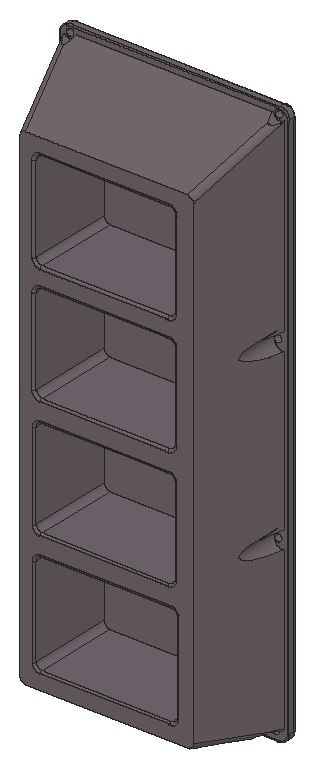
Revit family "a55a4b7e-ec2b-49e3-92c2-4acdec69bd05", category Furniture, Revit 2016
Family settings
  OmniClass Number = 23.40.20.00
  OmniClass Title = General Furniture and Specialties
  Work Plane-Based = No
  Always vertical = Yes
  Cut with Voids When Loaded = No
  Shared = No
  Room Calculation Point = No
Parameters (values of type "Standard")
  Width = 29"  # constant formula
  Unit = Plastic - Behavioral Safety - Mulberry
  URL = "http://besafeprod.com/"
  Type Image = <None>
  Type Comments = ""
  Revit Object Download Link = "http://library.smartbim.com/download/Storage-4_Shelf-Behavioral_Safety_Products-BF935"
  Product Page URL = "http://www.besafeprod.com/behavioral-safety-pr/suicide-resistant-attenda-4-shelf-storage-unit/"
  Product Documentation Link = ""
  Product Brochure URL = "http://besafeprod.com/images/pdfs/BF935.pdf"
  Model = "BF935"  # constant formula
  Manufacturer Phone = "706-705-1500"  # constant formula
  Manufacturer Fax = "706-705-1191"  # constant formula
  Manufacturer Email = "mailto:david@besafepro.com"
  Manufacturer Address = "29A N. Main St., Suite 3 Watkinsville, GA. 30677"  # constant formula
  Manufacturer = "Behavioral Safety Products"  # constant formula
  Keynote = ""
  Height = 72"  # constant formula
  Description = "SUICIDE RESISTANT ATTENDA 4 SHELF STORAGE "  # constant formula
  Depth = 11"  # constant formula
  Assembly Code = ""
Reference planes (in)
  plane 1 "Center (Front/Back)": y = 0
  plane 2: z = 0
  plane 3 "Center (Left/Right)": x = 0
  plane 4: y = 5.5
  plane 5: y = -5.5
  plane 6: x = -14.5
  plane 7: x = 14.5
  plane 8: z = 72
  plane 9: y = 6.5
Dimensions and locks (in)
  equal spacing: plane 6, plane 3 "Center (Left/Right)", plane 7
  "Width": plane 6 to plane 7
  equal spacing: plane 4, plane 1 "Center (Front/Back)", plane 5
  "Depth": plane 4 to plane 5
  "Height": plane 8 to plane 2
  locked: plane 9 to plane 4 at 1
  aligned and locked: plane 2 to level
  aligned and locked: plane 1 "Center (Front/Back)" to nested 1
  aligned and locked: plane 3 "Center (Left/Right)" to nested 1
Nested families (in)
  nested 1: "BF935" at (0, 0, 0), type "Standard"
Definition of nested family "BF935"
  Parameters
    Unit = none
    Width = 29"
    Height = 72"
    Depth = 11"
  Reference planes (in)
    plane 1 "Center (Front/Back)": y = 0
    plane 2: z = 0
    plane 3 "Center (Left/Right)": x = 0
    plane 4: z = 72
    plane 5: y = 5.5
    plane 6: y = -5.5
    plane 7: x = -14.5
    plane 8: x = 14.5
    plane 9: y = 6.5
    plane 10: x = -8.875
    plane 11: x = 8.875
  Forms (in)
    Sweep 1, solid, material <- "Unit"
      path origin (0, 0, 0) x (1, 0, 0) y (0, 0, 1)
        loop
          line (-14.5, 70.81251) -> (-14.5, 1.1875)
          arc (-14.5, 1.1875) -> (-14.15219, 0.34781) -> (-13.3125, 0) r 1.1875
          line (-13.3125, 0) -> (13.3125, 0)
          arc (13.3125, 0) -> (14.15219, 0.34781) -> (14.5, 1.1875) r 1.1875
          line (14.5, 1.1875) -> (14.5, 70.8125)
          arc (14.5, 70.8125) -> (14.15219, 71.65219) -> (13.3125, 72) r 1.1875
          line (13.3125, 72) -> (-13.31251, 72)
          arc (-13.31251, 72) -> (-14.15219, 71.65219) -> (-14.5, 70.81251) r 1.18749
      profile origin (-14.5, 0, 36.00001) x (0, -1, 0) y (1, 0, 0)
        loop
          arc (-6.5, 0.1112) -> (-6.46743, 0.03257) -> (-6.3888, 0) r 0.1112
          line (-6.3888, 0) -> (-5.60938, 0)
          arc (-5.60938, 0) -> (-5.53204, 0.03204) -> (-5.5, 0.10937) r 0.10938
          line (-5.5, 0.10937) -> (-5.5, 1.15714) -> (-6.5, 1.15714) -> (-6.5, 0.1112)
    Extrusion 2, solid, material <- "Unit"
      sketch origin (-14.39063, 5.5, 70.81251) x (0, 0, -1) y (1, 0, 0)
        loop
          line (69.65537, 1.04777) -> (69.65537, 27.73348) -> (-0.03034, 27.73348) -> (-0.03034, 1.04777) -> (69.65537, 1.04777)
      from 0 to -1
    Extrusion 3, void
      sketch origin (0, 0, 0) x (1, 0, 0) y (0, 0, 1)
        loop
          arc (-8.125, 63.71504) -> (-8.65533, 63.49537) -> (-8.875, 62.96504) r 0.75
          line (-8.875, 62.96504) -> (-8.875, 51.90216)
          arc (-8.875, 51.90216) -> (-8.65533, 51.37183) -> (-8.125, 51.15216) r 0.75
          line (-8.125, 51.15216) -> (8.125, 51.15216)
          arc (8.125, 51.15216) -> (8.65533, 51.37183) -> (8.875, 51.90216) r 0.75
          line (8.875, 51.90216) -> (8.875, 62.96504)
          arc (8.875, 62.96504) -> (8.65533, 63.49537) -> (8.125, 63.71504) r 0.75
          line (8.125, 63.71504) -> (-8.125, 63.71504)
        loop
          arc (-8.125, 33.43303) -> (-8.65533, 33.21336) -> (-8.875, 32.68303) r 0.75
          line (-8.875, 32.68303) -> (-8.875, 21.62122)
          arc (-8.875, 21.62122) -> (-8.65533, 21.09089) -> (-8.125, 20.87122) r 0.75
          line (-8.125, 20.87122) -> (8.125, 20.87122)
          arc (8.125, 20.87122) -> (8.65533, 21.09089) -> (8.875, 21.62122) r 0.75
          line (8.875, 21.62122) -> (8.875, 32.68303)
          arc (8.875, 32.68303) -> (8.65533, 33.21336) -> (8.125, 33.43303) r 0.75
          line (8.125, 33.43303) -> (-8.125, 33.43303)
        loop
          arc (-8.125, 18.24579) -> (-8.65533, 18.02612) -> (-8.875, 17.49579) r 0.75
          line (-8.875, 17.49579) -> (-8.875, 5.99579)
          arc (-8.875, 5.99579) -> (-8.65533, 5.46546) -> (-8.125, 5.24579) r 0.75
          line (-8.125, 5.24579) -> (8.375, 5.24579)
          arc (8.375, 5.24579) -> (8.90533, 5.46546) -> (9.125, 5.99579) r 0.75
          line (9.125, 5.99579) -> (9.125, 17.49579)
          arc (9.125, 17.49579) -> (8.90533, 18.02612) -> (8.375, 18.24579) r 0.75
          line (8.375, 18.24579) -> (-8.125, 18.24579)
        loop
          arc (-8.125, 48.68303) -> (-8.65533, 48.46336) -> (-8.875, 47.93303) r 0.75
          line (-8.875, 47.93303) -> (-8.875, 36.87122)
          arc (-8.875, 36.87122) -> (-8.65533, 36.34089) -> (-8.125, 36.12122) r 0.75
          line (-8.125, 36.12122) -> (8.125, 36.12122)
          arc (8.125, 36.12122) -> (8.65533, 36.34089) -> (8.875, 36.87122) r 0.75
          line (8.875, 36.87122) -> (8.875, 47.93303)
          arc (8.875, 47.93303) -> (8.65533, 48.46336) -> (8.125, 48.68303) r 0.75
          line (8.125, 48.68303) -> (-8.125, 48.68303)
      from -5.5 to 6.39005
    Extrusion 4, void
      sketch origin (-0.53125, 0, 18.5) x (1, 0, 0) y (0, 0, 1)
        loop
          circle (-12.63231, 27.21857) r 0.5
        loop
          circle (-12.79327, 4.88225) r 0.5
        loop
          circle (-12.64568, -17.17467) r 0.5
        loop
          circle (13.47158, -17.33254) r 0.5
        loop
          circle (13.7576, 4.60577) r 0.5
        loop
          circle (13.71408, 27.18138) r 0.5
        loop
          circle (13.87546, 52.72215) r 0.5
        loop
          circle (-12.59232, 52.68934) r 0.5
      from -8.53544 to -3.49717
    Blend 5, solid, material <- "Unit"
      base sketch origin (0, 0, 0) x (1, 0, 0) y (0, 0, 1)
        loop
          arc (-13.20312, 71.18146) -> (-13.73346, 70.96179) -> (-13.95312, 70.43146) r 0.75
          line (-13.95312, 70.43146) -> (-13.95312, 1.59375)
          arc (-13.95312, 1.59375) -> (-13.73346, 1.06342) -> (-13.20312, 0.84375) r 0.75
          line (-13.20312, 0.84375) -> (13.20296, 0.84375)
          arc (13.20296, 0.84375) -> (13.73329, 1.06342) -> (13.95296, 1.59375) r 0.75
          line (13.95296, 1.59375) -> (13.95296, 70.43146)
          arc (13.95296, 70.43146) -> (13.73329, 70.96179) -> (13.20296, 71.18146) r 0.75
          line (13.20296, 71.18146) -> (-13.20312, 71.18146)
      top sketch origin (0, 0, 0) x (1, 0, 0) y (0, 0, 1)
        loop
          arc (-9.92233, 65.86745) -> (-10.45266, 65.64778) -> (-10.67233, 65.11745) r 0.75
          line (-10.67233, 65.11745) -> (-10.67233, 3.92627)
          arc (-10.67233, 3.92627) -> (-10.45266, 3.39594) -> (-9.92233, 3.17627) r 0.75
          line (-9.92233, 3.17627) -> (10.55213, 3.17627)
          arc (10.55213, 3.17627) -> (11.08246, 3.39594) -> (11.30213, 3.92627) r 0.75
          line (11.30213, 3.92627) -> (11.30213, 65.11745)
          arc (11.30213, 65.11745) -> (11.08246, 65.64778) -> (10.55213, 65.86745) r 0.75
          line (10.55213, 65.86745) -> (-9.92233, 65.86745)
      from -5.5 to 5.5
    Sweep 6, void
      path origin (0, -5.5, 0) x (1, 0, 0) y (0, 0, 1)
        loop
          line (8.125, 63.71504) -> (-8.125, 63.71504)
          arc (-8.125, 63.71504) -> (-8.65533, 63.49537) -> (-8.875, 62.96504) r 0.75
          line (-8.875, 62.96504) -> (-8.875, 51.90216)
          arc (-8.875, 51.90216) -> (-8.65533, 51.37183) -> (-8.125, 51.15216) r 0.75
          line (-8.125, 51.15216) -> (8.125, 51.15216)
          arc (8.125, 51.15216) -> (8.65533, 51.37183) -> (8.875, 51.90216) r 0.75
          line (8.875, 51.90216) -> (8.875, 62.96504)
          arc (8.875, 62.96504) -> (8.65533, 63.49537) -> (8.125, 63.71504) r 0.75
      profile origin (0, -5.5, 63.71504) x (0, 0, -1) y (0, -1, 0)
        loop
          line (0, 0) -> (-0.29944, 0)
          arc (-0.29944, 0) -> (-0.0877, -0.0877) -> (0, -0.29944) r 0.29944
          line (0, -0.29944) -> (0, 0)
    Sweep 7, void
      path origin (0, -5.5, 0) x (1, 0, 0) y (0, 0, 1)
        loop
          line (8.125, 48.68303) -> (-8.125, 48.68303)
          arc (-8.125, 48.68303) -> (-8.65533, 48.46336) -> (-8.875, 47.93303) r 0.75
          line (-8.875, 47.93303) -> (-8.875, 36.87122)
          arc (-8.875, 36.87122) -> (-8.65533, 36.34089) -> (-8.125, 36.12122) r 0.75
          line (-8.125, 36.12122) -> (8.125, 36.12122)
          arc (8.125, 36.12122) -> (8.65533, 36.34089) -> (8.875, 36.87122) r 0.75
          line (8.875, 36.87122) -> (8.875, 47.93303)
          arc (8.875, 47.93303) -> (8.65533, 48.46336) -> (8.125, 48.68303) r 0.75
      profile origin (0, -5.5, 48.68303) x (0, 0, -1) y (0, -1, 0)
        loop
          line (0, 0) -> (-0.30078, 0)
          arc (-0.30078, 0) -> (-0.0881, -0.0881) -> (0, -0.30078) r 0.30078
          line (0, -0.30078) -> (0, 0)
    Sweep 8, void
      path origin (0, -5.5, 0) x (1, 0, 0) y (0, 0, 1)
        loop
          line (8.125, 33.43303) -> (-8.125, 33.43303)
          arc (-8.125, 33.43303) -> (-8.65533, 33.21336) -> (-8.875, 32.68303) r 0.75
          line (-8.875, 32.68303) -> (-8.875, 21.62122)
          arc (-8.875, 21.62122) -> (-8.65533, 21.09089) -> (-8.125, 20.87122) r 0.75
          line (-8.125, 20.87122) -> (8.125, 20.87122)
          arc (8.125, 20.87122) -> (8.65533, 21.09089) -> (8.875, 21.62122) r 0.75
          line (8.875, 21.62122) -> (8.875, 32.68303)
          arc (8.875, 32.68303) -> (8.65533, 33.21336) -> (8.125, 33.43303) r 0.75
      profile origin (0, -5.5, 33.43303) x (0, 0, -1) y (0, -1, 0)
        loop
          line (0, 0) -> (-0.25, 0)
          arc (-0.25, 0) -> (-0.07322, -0.07322) -> (0, -0.25) r 0.25
          line (0, -0.25) -> (0, 0)
    Sweep 9, void
      path origin (0, -5.5, 0) x (1, 0, 0) y (0, 0, 1)
        loop
          line (8.375, 18.24579) -> (-8.125, 18.24579)
          arc (-8.125, 18.24579) -> (-8.65533, 18.02612) -> (-8.875, 17.49579) r 0.75
          line (-8.875, 17.49579) -> (-8.875, 5.99579)
          arc (-8.875, 5.99579) -> (-8.65533, 5.46546) -> (-8.125, 5.24579) r 0.75
          line (-8.125, 5.24579) -> (8.375, 5.24579)
          arc (8.375, 5.24579) -> (8.90533, 5.46546) -> (9.125, 5.99579) r 0.75
          line (9.125, 5.99579) -> (9.125, 17.49579)
          arc (9.125, 17.49579) -> (8.90533, 18.02612) -> (8.375, 18.24579) r 0.75
      profile origin (0.125, -5.5, 18.24579) x (0, 0, -1) y (0, -1, 0)
        loop
          line (0, 0) -> (-0.25, 0)
          arc (-0.25, 0) -> (-0.07322, -0.07322) -> (0, -0.25) r 0.25
          line (0, -0.25) -> (0, 0)
    Extrusion 10, void
      sketch origin (0, 0, 0.125) x (1, 0, 0) y (0, 0, 1)
        loop
          line (-14.5, 46.43303) -> (-14.5, 44.59642)
          arc (-14.5, 44.59642) -> (-12.49971, 45.51472) -> (-14.5, 46.43303) r 1.21094
        loop
          line (-14.5, 24.12053) -> (-14.5, 22.28392)
          arc (-14.5, 22.28392) -> (-12.50449, 23.20222) -> (-14.5, 24.12053) r 1.20905
      from -5.5 to -0.47402
    Extrusion 11, void
      sketch origin (0, 0, 0) x (1, 0, 0) y (0, 0, 1)
        loop
          arc (14.5, 46.5385) -> (12.61667, 45.62053) -> (14.5, 44.70256) r 1.16538
          line (14.5, 44.70256) -> (14.5, 46.5385)
        loop
          arc (14.5, 24.0385) -> (12.61667, 23.12053) -> (14.5, 22.20256) r 1.16538
          line (14.5, 22.20256) -> (14.5, 24.0385)
      from -5.5 to 0.61167
    Extrusion 12, void
      sketch origin (0, 0, 0) x (1, 0, 0) y (0, 0, 1)
        loop
          arc (-14.0748, 71.08837) -> (-12.81749, 70.50654) -> (-12.50191, 71.85552) r 0.89346
          line (-12.50191, 71.85552) -> (-14.0748, 71.08837)
        loop
          arc (12.62713, 71.68516) -> (13.03, 70.51514) -> (14.20002, 70.91801) r 0.875
          line (14.20002, 70.91801) -> (12.62713, 71.68516)
      from -5.5 to -3.71136
    Extrusion 13, void
      sketch origin (0, 0, 0) x (1, 0, 0) y (0, 0, 1)
        loop
          line (-14.39186, 1.39925) -> (-12.75356, 0.25209)
          arc (-12.75356, 0.25209) -> (-12.8472, 1.86181) -> (-14.39186, 1.39925) r 1.02774
        loop
          arc (14.14186, 1.27425) -> (12.5972, 1.73681) -> (12.50356, 0.12709) r 1.02774
          line (12.50356, 0.12709) -> (14.14186, 1.27425)
      from -5.5 to -1.69444
  Cuts and joins
    Extrusion 3, Extrusion 4 cuts Sweep 1
    Extrusion 3, Extrusion 4 cuts Extrusion 2
    joined: Sweep 1, Extrusion 2
    Extrusion 3, Sweep 6, Sweep 7, Sweep 8, Sweep 9, Extrusion 10, Extrusion 11, Extrusion 12, Extrusion 13 cuts Blend 5
  Lines and regions (in)
    Masking region 1
      outline origin (0, 0, 0) x (1, 0, 0) y (0, 1, 0)
        loop
          line (-14.5, 6.5) -> (-14.5, 5.5) -> (-13.95312, 5.5) -> (-10.67233, -5.5) -> (11.30213, -5.5) -> (13.95296, 5.5) -> (14.5, 5.5) -> (14.5, 6.5) -> (-14.5, 6.5)
    symbolic lines
      curve 1: line (-13.89046, 5.5, 0) -> (13.93417, 5.5, 0)
      curve 2: line (-12.32494, 5.5, 0) -> (-12.79383, 4.1277, 0)
      curve 3: line (-12.79383, 4.1277, 0) -> (-13.89046, 5.5, 0)
      curve 4: line (13.93417, 5.5, 0) -> (12.90539, 4.26991, 0)
      curve 5: spline (12.90539, 4.26991, 0) -> (12.85195, 4.36535, 0) -> (12.80263, 4.46257, 0) -> (12.75751, 4.56143, 0) -> (12.71666, 4.66178, 0) -> (12.68013, 4.76347, 0) -> (12.64797, 4.86636, 0) -> (12.62024, 4.97028, 0) -> (12.59698, 5.07509, 0) -> (12.57822, 5.18063, 0) -> (12.56399, 5.28674, 0) -> (12.55431, 5.39327, 0) -> (12.5492, 5.50005, 0)
  Dimensions and locks (in)
    "Height": plane 4 to plane 2
    equal spacing: plane 7, plane 3 "Center (Left/Right)", plane 8
    equal spacing: plane 5, plane 1 "Center (Front/Back)", plane 6
    "Depth": plane 5 to plane 6
    "Width": plane 7 to plane 8
    locked: plane 9 to plane 5 at 1
    equal spacing: plane 11, plane 3 "Center (Left/Right)", plane 10
    plane 11 to plane 10 = 17 3/4"
    aligned and locked: plane 2 to level
  Automatic sketch dimensions
    Extrusion 2 sketch curve to Sweep 1 = 0"  (x4)
    Sweep 1 sketch curve to plane 7 = 0"
    Sweep 1 sketch curve to plane 4 = 0"
    Sweep 1 sketch curve to level = 0"
    Sweep 1 sketch curve to plane 8 = 0"
    plane 7 to Sweep 1 sketch curve = 1 3/16"  (x2)
    Sweep 1 sketch curve to plane 8 = 1 3/16"
    Sweep 1 sketch curve to plane 4 = 1 3/16"
    Sweep 1 sketch curve to profile plane = 0"
    Sweep 1 sketch curve to profile plane = 0.1112"
    Sweep 1 sketch curve to plane 1 "Center (Front/Back)" = 6 1/2"
    Sweep 1 sketch curve to Sweep 1 sketch curve = 0.77942"
    Sweep 1 sketch curve to Sweep 1 sketch curve = 1"
    Sweep 1 sketch curve to Sweep 1 sketch curve = 1.04777"
    plane 7 to Blend 5 sketch curve = 35/64"
    level to Blend 5 sketch curve = 27/32"
    Blend 5 sketch curve to Blend 5 sketch curve = 3/4"  (x4)
    Blend 5 sketch curve to plane 4 = 0.81854"
    Blend 5 sketch curve to plane 8 = 1.29704"  (x2)
    Blend 5 sketch curve to plane 10 = 1.79733"
    Blend 5 sketch curve to plane 10 = 1.04733"  (x2)
    plane 11 to Blend 5 sketch curve = 1.67713"  (x2)
    level to Blend 5 sketch curve = 3.17627"
    Blend 5 sketch curve to plane 4 = 6.88255"
    Sweep 6 sketch curve to profile plane = 0"  (x2)
    Sweep 6 sketch curve to Sweep 6 sketch curve = 0.29944"
    Sweep 6 sketch curve to profile plane = 0.29944"
    Sweep 6 sketch curve to Blend 5 = 2.54733"
    Sweep 6 sketch curve to Blend 5 = 3.17713"
    Sweep 6 sketch curve to Sweep 6 sketch curve = 3/4"  (x4)
    Sweep 6 sketch curve to Blend 5 = 2.90241"
    Sweep 6 sketch curve to Sweep 6 sketch curve = 11.06288"
    Sweep 7 sketch curve to Blend 5 = 2.54733"
    Sweep 7 sketch curve to Blend 5 = 3.17713"
    Sweep 7 sketch curve to Blend 5 = 17.18442"
    Sweep 7 sketch curve to profile plane = 0"  (x2)
    Sweep 7 sketch curve to Sweep 7 sketch curve = 77/256"
    plane 10 to Extrusion 3 sketch curve = 0"  (x3)
    Extrusion 3 sketch curve to plane 10 = 0"
    plane 11 to Extrusion 3 sketch curve = 0"  (x2)
    Extrusion 3 sketch curve to plane 11 = 0"
    plane 10 to Extrusion 3 sketch curve = 3/4"  (x5)
    Extrusion 3 sketch curve to Extrusion 3 sketch curve = 3/4"  (x4)
    Extrusion 3 sketch curve to plane 11 = 3/4"  (x5)
    Extrusion 3 sketch curve to plane 11 = 1/2"  (x2)
    plane 11 to Extrusion 3 sketch curve = 1/4"
    level to Extrusion 3 sketch curve = 5.24579"
    Extrusion 3 sketch curve to Extrusion 3 sketch curve = 11 1/2"
    Extrusion 3 sketch curve to Extrusion 3 sketch curve = 2.62543"
    Extrusion 3 sketch curve to Extrusion 3 sketch curve = 11.06181"  (x2)
    Extrusion 3 sketch curve to Extrusion 3 sketch curve = 2.68819"
    Extrusion 3 sketch curve to Extrusion 3 sketch curve = 2.46913"
    Extrusion 3 sketch curve to plane 4 = 9.03496"
    Sweep 7 sketch curve to Sweep 7 sketch curve = 3/4"  (x4)
    Sweep 7 sketch curve to Sweep 7 sketch curve = 11.06181"
    Sweep 8 sketch curve to profile plane = 0"  (x2)
    Sweep 8 sketch curve to Sweep 8 sketch curve = 1/4"
    Sweep 8 sketch curve to Blend 5 = 2.54733"
    Sweep 8 sketch curve to Blend 5 = 3.17713"
    Sweep 8 sketch curve to Sweep 8 sketch curve = 3/4"  (x4)
    Sweep 8 sketch curve to Blend 5 = 29.50676"
    Sweep 8 sketch curve to Sweep 8 sketch curve = 11.06181"
    Sweep 9 sketch curve to profile plane = 0"  (x2)
    Sweep 9 sketch curve to Sweep 9 sketch curve = 1/4"
    Sweep 9 sketch curve to Blend 5 = 2.54733"
    Sweep 9 sketch curve to Blend 5 = 2.92713"
    Sweep 9 sketch curve to Sweep 9 sketch curve = 3/4"  (x4)
    Sweep 9 sketch curve to Blend 5 = 14.31953"
    Sweep 9 sketch curve to Blend 5 = 2.81953"
    plane 7 to Extrusion 4 sketch curve = 1.17548"
    plane 7 to Extrusion 4 sketch curve = 1.32307"
    plane 7 to Extrusion 4 sketch curve = 1.33644"
    plane 7 to Extrusion 4 sketch curve = 1.37643"
    Extrusion 4 sketch curve to plane 8 = 1.55967"
    Extrusion 4 sketch curve to plane 8 = 1.31717"
    Extrusion 4 sketch curve to plane 8 = 1.15579"
    Extrusion 4 sketch curve to plane 8 = 1.27365"
    level to Extrusion 4 sketch curve = 1.16746"
    level to Extrusion 4 sketch curve = 1.32533"
    Extrusion 4 sketch curve to Extrusion 4 sketch curve = 21.93831"
    Extrusion 4 sketch curve to Extrusion 4 sketch curve = 22.05692"
    Extrusion 4 sketch curve to Extrusion 4 sketch curve = 22.57561"
    Extrusion 4 sketch curve to Extrusion 4 sketch curve = 22.33632"
    Extrusion 4 sketch curve to plane 4 = 0.77785"
    Extrusion 4 sketch curve to plane 4 = 0.81066"
    Extrusion 10 sketch curve to plane 7 = 0"  (x2)
    plane 7 to Extrusion 10 sketch curve = 0.78646"
    plane 7 to Extrusion 10 sketch curve = 0.78936"
    level to Extrusion 10 sketch curve = 22.40892"
    Extrusion 10 sketch curve to Extrusion 10 sketch curve = 0.91831"  (x2)
    Extrusion 10 sketch curve to Extrusion 10 sketch curve = 20.47589"
    Extrusion 11 sketch curve to plane 8 = 0"  (x2)
    Extrusion 11 sketch curve to plane 8 = 0.71795"  (x2)
    level to Extrusion 11 sketch curve = 22.20256"
    Extrusion 11 sketch curve to Extrusion 11 sketch curve = 235/256"  (x2)
    Extrusion 11 sketch curve to Extrusion 11 sketch curve = 20 85/128"
    plane 7 to Extrusion 12 sketch curve = 0.4252"
    Extrusion 12 sketch curve to Extrusion 12 sketch curve = 0.86564"
    Extrusion 12 sketch curve to plane 4 = 0.14448"
    Extrusion 12 sketch curve to Extrusion 12 sketch curve = 0.70725"
    Extrusion 12 sketch curve to plane 4 = 0.31484"
    Extrusion 12 sketch curve to plane 8 = 1.87287"
    Extrusion 12 sketch curve to Extrusion 12 sketch curve = 0.78644"
    Extrusion 12 sketch curve to plane 8 = 0.29998"
    Extrusion 12 sketch curve to plane 4 = 1.08199"
    Extrusion 12 sketch curve to plane 4 = 0.91163"
    plane 7 to Extrusion 13 sketch curve = 0.10814"
    Extrusion 13 sketch curve to Extrusion 13 sketch curve = 0.95518"
    level to Extrusion 13 sketch curve = 0.25209"
    Extrusion 13 sketch curve to Extrusion 13 sketch curve = 0.68313"  (x2)
    level to Extrusion 13 sketch curve = 0.12709"
    Extrusion 13 sketch curve to plane 8 = 1.99644"
    Extrusion 13 sketch curve to plane 8 = 0.35814"
    level to Extrusion 13 sketch curve = 0.89493"
    level to Extrusion 13 sketch curve = 1.01993"
    Masking region 1 sketch curve to plane 5 = 0"  (x2)
    Masking region 1 sketch curve to plane 7 = 0"
    Masking region 1 sketch curve to plane 6 = 0"
    Masking region 1 sketch curve to plane 8 = 0"
    Masking region 1 sketch curve to plane 9 = 0"
    plane 7 to Masking region 1 sketch curve = 35/64"
    Masking region 1 sketch curve to plane 10 = 1.79733"
    plane 11 to Masking region 1 sketch curve = 2.42713"
    Masking region 1 sketch curve to plane 8 = 0.54704"
    curve 1 to plane 5 = 0"
    plane 7 to curve 1 = 0.60954"
    curve 1 to plane 8 = 0.56583"
    plane 7 to curve 2 = 1.70617"
    curve 2 to curve 2 = 0.4689"
    curve 2 to plane 5 = 1.3723"
    curve 4 to plane 8 = 1.59461"
    curve 4 to plane 5 = 1.23009"
    plane 5 to curve 5 = 0.06614"
    curve 5 to curve 4 = 0.35707"
    plane 5 to curve 5 = 0.00005"
    plane 8 to curve 5 = 1.12873"
    radius of Extrusion 4 sketch curve = 1/2"  (x8)
